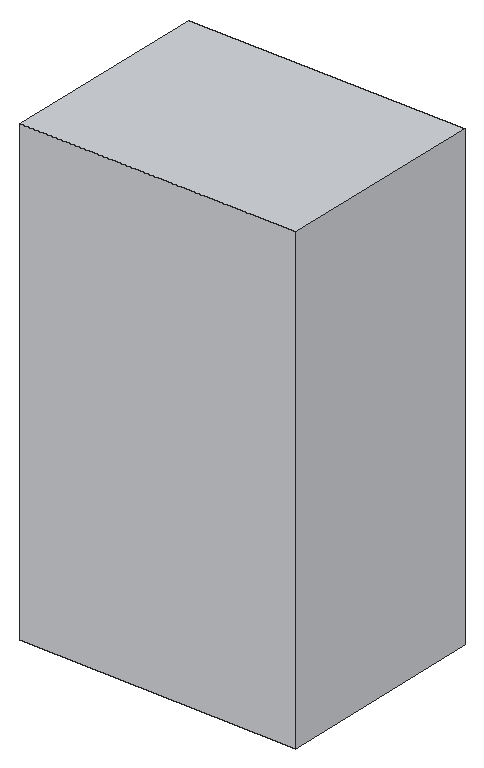
Revit family
Parameters
  Warranty Duration (Years) = 0
  Unit Width [instance] = 1' - 8 177/256"
  Unit Height [instance] = 0' - 9 99/256"
  Unit Depth = 0' - 0"
  URL = "http://www.americanspecialties.com/viewCategories.cfm"
  Trim Material = none
  Test Data = ""
  Specification = "http://www.arcat.com/sdspecs/htm/10810asi.htm"
  SpecWizard = ""
  Send Message = "http://www.arcat.com/users.pl?action=UserEmail&company=American%20Specialties,%20Inc.&coid=30448&rep=139&fax=914-476-0688&mf="
  Sales Information = "http://www.americanspecialties.com/contact"
  Revision = "R1_10-2010"
  Product Properties = "http://www.americanspecialties.com/datasheets/0721-Z.pdf"
  Product Data = "http://www.arcat.com/arcatcos/cos30/arc30448.html"
  Model = "As Specified in 10 28 13"
  Manufacturer Website = "http://www.americanspecialties.com/viewCategories.cfm"
  Manufacturer Phone - Toll Free = ""
  Manufacturer Phone = "914-476-9000 "
  Manufacturer Fax = "914-476-0688"
  Manufacturer Address = "441 Saw Mill River Rd., Yonkers, NY 10701"
  Manufacturer = "American Specialties, Inc."
  Maintenance Schedule (Months) = 0
  Keynote = "10 28 13"
  Installation-Fabrication = "http://www.americanspecialties.com/products.cfm"
  Green Building-LEED = ""
  Expected Lifespan (Years) = 0
  Drawn By = "Robert S. Weygant. CSI, CDT, SCIP"  # constant formula
  Description = "Toilet Accessory as Specified in 10 28 13"
  Default Elevation = 4' - 0"
  Copyright = "©Arcat Inc."
  Construction Details = "http://www.arcat.com/green/clients/leed_data_30448.html"
  Building Codes = "http://www.americanspecialties.com/products.cfm"
  Body Material = Stainless Steel
  Assembly Code = "C1030210"
Reference planes (in)
  plane 1 "Center (Front/Back)": y = -0.29112
  plane 2 "Floor Line": z = 0
  plane 3 "Center (Left/Right)": x = -0.65843
  plane 4: z = 52.69336
  plane 5: x = -11.00414
  plane 6: x = 9.68727
  plane 7: z = 48
  plane 8: z = 57.38672
Forms (in)
  Extrusion 1, solid
    sketch origin (-3, -9, -6) x (0, 0, -1) y (1, 0, 0)
      loop
        line (-82, 26) -> (-82, -19.34712) -> (-6, -19.34712) -> (-6, 26) -> (-82, 26)
    from 9 to -25.60721
  Extrusion 2, solid, material "Stainless Steel" <- "Body Material"
    sketch origin (0, -0.04112, -6.80594) x (1, 0, 0) y (0, 0, 1)
      loop
        arc (-2.40843, 10.05766) -> (-2.58521, 9.98444) -> (-2.65843, 9.80766) r 0.25
        line (-2.65843, 9.80766) -> (-2.65843, 7.30766)
        arc (-2.65843, 7.30766) -> (-2.58521, 7.13089) -> (-2.40843, 7.05766) r 0.25
        line (-2.40843, 7.05766) -> (1.09157, 7.05766)
        arc (1.09157, 7.05766) -> (1.26834, 7.13089) -> (1.34157, 7.30766) r 0.25
        line (1.34157, 7.30766) -> (1.34157, 9.80766)
        arc (1.34157, 9.80766) -> (1.26834, 9.98444) -> (1.09157, 10.05766) r 0.25
        line (1.09157, 10.05766) -> (-2.40843, 10.05766)
    from 0 to 0.5
  Extrusion 3, void
    sketch origin (0, 0, 0.25172) x (1, 0, 0) y (0, 1, 0)
      loop
        spline (-2.47709, -0.04112) -> (-2.41512, -0.14363) -> (-2.23344, -0.23917) -> (-1.94442, -0.3212) -> (-1.56776, -0.38415) -> (-1.12914, -0.42372) -> (-0.65843, -0.43721) -> (-0.18773, -0.42372) -> (0.25089, -0.38415) -> (0.62755, -0.3212) -> (0.91657, -0.23917) -> (1.09825, -0.14363) -> (1.16022, -0.04112)
        spline (1.16022, -0.04112) -> (1.09825, 0.0614) -> (0.91657, 0.15693) -> (0.62755, 0.23897) -> (0.25089, 0.30191) -> (-0.18773, 0.34148) -> (-0.65843, 0.35498) -> (-1.12914, 0.34148) -> (-1.56776, 0.30191) -> (-1.94442, 0.23897) -> (-2.23344, 0.15693) -> (-2.41512, 0.0614) -> (-2.47709, -0.04112)
    from 0.17765 to 2.82235
  Sweep 4, void
    path origin (0, -0.29112, 0.25172) x (1, 0, 0) y (0, 0, 1)
      loop
        arc (-2.40843, 3) -> (-2.58521, 2.92678) -> (-2.65843, 2.75) r 0.25
        line (-2.65843, 2.75) -> (-2.65843, 0.25)
        arc (-2.65843, 0.25) -> (-2.58521, 0.07322) -> (-2.40843, 0) r 0.25
        line (-2.40843, 0) -> (1.09157, 0)
        arc (1.09157, 0) -> (1.26834, 0.07322) -> (1.34157, 0.25) r 0.25
        line (1.34157, 0.25) -> (1.34157, 2.75)
        arc (1.34157, 2.75) -> (1.26834, 2.92678) -> (1.09157, 3) r 0.25
        line (1.09157, 3) -> (-2.40843, 3)
    profile origin (-0.65843, -0.29112, 3.25172) x (0, 0, 1) y (0, -1, 0)
      loop
        arc (0, -0.19922) -> (-0.01487, -0.23513) -> (-0.05078, -0.25) r 0.05078
        line (-0.05078, -0.25) -> (0, -0.25) -> (0, -0.19922)
      loop
        line (0, 0.19922) -> (0, 0.25) -> (-0.05078, 0.25)
        arc (-0.05078, 0.25) -> (-0.01487, 0.23513) -> (0, 0.19922) r 0.05078
  Extrusion 5, solid, material "Stainless Steel" <- "Body Material"
    sketch origin (-1.65843, 0, 3.24797) x (0, 1, 0) y (0, 0, 1)
      loop
        arc (0.45888, -3.24799) -> (0.39343, -3.07163) -> (0.22055, -2.99748) r 0.23863
        line (0.22055, -2.99748) -> (0.00579, -2.99747)
        arc (0.00579, -2.99747) -> (-0.02863, -2.98362) -> (-0.04386, -2.94979) r 0.04969
        arc (-0.04386, -2.94979) -> (-0.0588, -2.98428) -> (-0.09315, -2.99955) r 0.05173
        line (-0.09315, -2.99955) -> (-0.4858, -2.99955)
        arc (-0.4858, -2.99955) -> (-0.52187, -2.98501) -> (-0.53775, -2.94951) r 0.05198
        arc (-0.53775, -2.94951) -> (-0.55195, -2.98251) -> (-0.5846, -2.99748) r 0.05003
        line (-0.5846, -2.99748) -> (-0.80278, -2.99748)
        arc (-0.80278, -2.99748) -> (-0.97567, -3.07163) -> (-1.04112, -3.24799) r 0.23863
        line (-1.04112, -3.24799) -> (0.45888, -3.24799)
    from 0 to 2
Cuts and joins
  Extrusion 3, Sweep 4 cuts Extrusion 2
Lines and regions (in)
  model lines
    curve 1: line (-0.65843, -0.29112, 3.25172) -> (-0.65843, -0.29112, 3.07408)
Dimensions and locks (in)
  equal spacing: plane 8, plane 4, plane 7
  equal spacing: plane 6, plane 3 "Center (Left/Right)", plane 5
  "Unit Width": plane 6 to plane 5
  "Unit Height": plane 8 to plane 7
  "Default Elevation": plane 7 to plane 2 "Floor Line"
  aligned and locked: Extrusion 1 to level
Automatic sketch dimensions
  curve 1 to plane 3 "Center (Left/Right)" = 0' - 0"
  level to curve 1 = 0' - 3.07408"
  curve 1 to curve 1 = 0' - 0.17765"
  Extrusion 1 sketch curve to Extrusion 1 sketch curve = 6' - 4"
  Extrusion 1 sketch curve to Extrusion 1 sketch curve = 3' - 9.34712"
  Extrusion 2 sketch curve to plane 3 "Center (Left/Right)" = 0' - 2"
  Extrusion 2 sketch curve to Extrusion 2 sketch curve = 0' - 0 1/4"  (x3)
  plane 3 "Center (Left/Right)" to Extrusion 2 sketch curve = 0' - 1 3/4"  (x2)
  level to Extrusion 2 sketch curve = 0' - 0.50172"
  Extrusion 2 sketch curve to Extrusion 2 sketch curve = 0' - 2 1/2"
  Extrusion 3 sketch curve to plane 3 "Center (Left/Right)" = 0' - 0"
  Extrusion 3 sketch curve to plane 1 "Center (Front/Back)" = 0' - 0 1/4"
  Extrusion 3 sketch curve to plane 3 "Center (Left/Right)" = 0' - 1.81866"
  Sweep 4 sketch curve to plane 3 "Center (Left/Right)" = 0' - 2"
  Sweep 4 sketch curve to Sweep 4 sketch curve = 0' - 0 1/4"  (x3)
  level to Sweep 4 sketch curve = 0' - 0.25172"
  plane 3 "Center (Left/Right)" to Sweep 4 sketch curve = 0' - 1 3/4"  (x2)
  Sweep 4 sketch curve to Sweep 4 sketch curve = 0' - 2 1/2"
  Sweep 4 sketch curve to profile plane = 0' - 0"  (x2)
  profile plane to Sweep 4 sketch curve = 0' - 0 13/256"  (x2)
  Sweep 4 sketch curve to profile plane = 0' - 0 1/4"
  profile plane to Sweep 4 sketch curve = 0' - 0 51/256"
  Extrusion 5 sketch curve to Extrusion 5 sketch curve = 0' - 0.23834"  (x2)
  Extrusion 5 sketch curve to Extrusion 5 sketch curve = 0' - 0.21504"
  Extrusion 5 sketch curve to Extrusion 5 sketch curve = 0' - 0.00314"
  Extrusion 5 sketch curve to Extrusion 5 sketch curve = 0' - 0.04999"
  Extrusion 5 sketch curve to Extrusion 5 sketch curve = 0' - 0.05194"
  Extrusion 5 sketch curve to plane 1 "Center (Front/Back)" = 0' - 0.19556"
  Extrusion 5 sketch curve to Extrusion 5 sketch curve = 0' - 0.0024"
  Extrusion 5 sketch curve to Extrusion 5 sketch curve = 0' - 0.05169"
  Extrusion 5 sketch curve to Extrusion 5 sketch curve = 0' - 0.04954"
  Extrusion 5 sketch curve to Extrusion 5 sketch curve = 0' - 0.04965"
  Extrusion 5 sketch curve to Extrusion 5 sketch curve = 0' - 0.21476"
  level to Extrusion 5 sketch curve = 0' - 0.01186"  (x2)
  Extrusion 5 sketch curve to Extrusion 5 sketch curve = 0' - 0.00207"
  Extrusion 5 sketch curve to Extrusion 5 sketch curve = 0' - 0"
  Extrusion 5 sketch curve to Extrusion 5 sketch curve = 0' - 0.04769"
  Extrusion 5 sketch curve to Extrusion 5 sketch curve = 0' - 0.04797"
  plane 1 "Center (Front/Back)" to Extrusion 5 sketch curve = 0' - 0.19469"
  Extrusion 5 sketch curve to level = 0' - 0"
